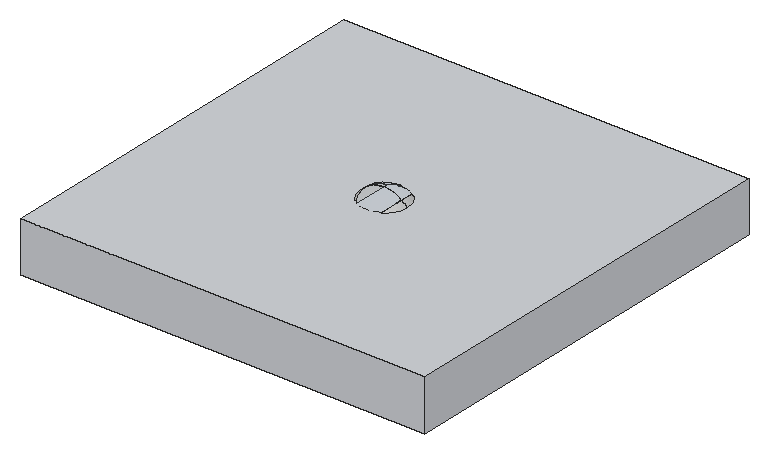
Revit family "GALAD Раунд LED", category Осветительные приборы, Revit 2018 (continued)
Types (3, lengths in mm): name | Файл фотометрической сетки | built-in parameter 1150142 | URL | IP | ADSK_Наименование краткое | ADSK_Наименование | ADSK_Марка | ADSK_Код изделия
     327.73 326.26 324.19 321.63 318.09 313.57 308.94 303.69 297.22 290.63 283.44 275.38 266.96 257.81 248.42 238.29 227.80 216.57 204.86 192.78 180.21 167.16 153.98 140.68 126.89 113.23 99.68 86.63 74.18 62.47 51.61 41.73 33.19 25.62 19.16 13.79 9.39 6.10 3.66 1.95 1.10 0.49 0.24 0.00 0.00 0.00 0.00 0.00 0.12 0.12 0.12 0.12 0.12 0.00 0.00 0.12 0.12 0.12 0.12 0.12 0.12 0.12 0.12 0.12 0.12 0.00 0.00 0.00 0.00 0.00 0.00 \r\n332.61 329.68 327.85 326.26 324.19 321.63 318.09 313.82 308.69 303.20 297.10 290.63 283.07 275.14 266.72 257.69 247.93 238.17 227.31 215.96 204.13 192.17 179.85 166.91 153.61 140.07 126.77 113.35 99.81 86.63 74.18 62.35 51.61 41.97 33.31 25.62 19.16 13.79 9.39 5.98 3.66 2.07 1.10 0.49 0.24 0.00 0.00 0.00 0.00 0.00 0.12 0.12 0.12 0.12 0.12 0.00 0.00 0.12 0.12 0.12 0.12 0.12 0.12 0.12 0.12 0.12 0.12 0.00 0.00 0.00 0.00 0.00 0.00 \r\n332.61 329.68 327.97 326.38 324.43 321.87 318.45 314.31 309.55 303.93 297.71 291.12 283.44 275.87 267.57 258.18 248.30 238.54 227.55 216.21 204.62 192.54 179.97 166.79 153.25 139.83 126.04 112.25 98.71 85.65 73.21 61.49 50.76 41.00 32.46 24.89 18.55 13.30 9.03 5.73 3.42 1.95 0.98 0.49 0.24 0.00 0.00 0.00 0.00 0.00 0.12 0.12 0.12 0.12 0.12 0.00 0.00 0.12 0.12 0.12 0.12 0.12 0.12 0.12 0.12 0.12 0.12 0.00 0.12 0.00 0.00 0.00 0.00 \r\n332.61 329.80 328.21 326.75 324.92 322.60 319.31 315.40 310.77 305.28 298.93 292.46 284.90 276.85 268.55 259.16 249.27 239.27 228.41 217.06 205.23 193.02 180.70 167.65 154.47 141.05 127.14 113.35 99.93 86.63 74.06 62.35 51.49 41.61 32.94 25.26 18.79 13.42 9.03 5.73 3.42 1.83 0.98 0.49 0.24 0.00 0.00 0.00 0.00 0.00 0.12 0.12 0.12 0.12 0.12 0.00 0.00 0.12 0.12 0.12 0.12 0.12 0.12 0.12 0.12 0.12 0.00 0.00 0.12 0.00 0.00 0.00 0.00 \r\n332.61 329.92 328.46 327.24 325.65 323.46 320.28 316.50 311.50 306.13 300.15 293.20 285.63 277.70 269.16 259.89 250.13 239.88 228.77 217.31 205.96 193.63 180.95 167.65 154.35 141.05 127.26 113.47 99.93 86.87 74.18 62.35 51.49 41.73 33.07 25.38 18.91 13.54 9.15 5.86 3.54 1.95 0.98 0.49 0.24 0.00 0.00 0.00 0.00 0.00 0.12 0.12 0.12 0.12 0.12 0.00 0.00 0.00 0.00 0.00 0.12 0.12 0.12 0.12 0.12 0.00 0.00 0.00 0.12 0.00 0.00 0.00 0.00 \r\n332.61 330.04 328.82 327.85 326.38 324.07 320.77 316.99 312.11 306.74 300.52 293.69 286.12 277.95 269.65 260.13 250.37 240.00 229.14 217.67 205.96 193.76 180.95 167.77 154.35 140.92 127.26 113.59 100.17 87.12 74.55 62.71 51.73 41.85 33.19 25.62 19.03 13.67 9.27 5.98 3.54 1.95 0.98 0.49 0.24 0.00 0.00 0.00 0.00 0.00 0.12 0.12 0.12 0.12 0.12 0.00 0.00 0.00 0.00 0.00 0.00 0.00 0.12 0.12 0.12 0.00 0.00 0.00 0.12 0.12 0.00 0.00 0.00 \r\n332.61 330.04 329.07 328.46 326.87 324.43 321.02 317.11 312.35 306.62 300.40 293.44 286.12 278.31 269.53 260.01 250.13 240.12 229.51 217.92 205.84 193.63 181.07 168.13 154.71 141.29 127.50 113.84 100.17 87.12 74.67 62.84 51.98 42.09 33.31 25.62 19.16 13.67 9.39 5.98 3.54 1.95 1.10 0.49 0.24 0.12 0.00 0.00 0.00 0.00 0.12 0.12 0.12 0.12 0.12 0.00 0.00 0.00 0.00 0.00 0.00 0.00 0.00 0.12 0.00 0.00 0.00 0.00 0.00 0.12 0.00 0.00 0.00 \r\n332.61 330.17 329.31 328.82 327.24 324.55 321.02 317.11 312.35 306.37 300.27 293.32 285.75 277.95 269.40 260.01 250.13 240.00 229.02 217.55 206.08 193.76 181.07 168.13 154.83 141.29 127.87 114.08 100.42 87.48 74.79 62.84 51.98 42.22 33.31 25.62 19.16 13.79 9.52 6.10 3.66 2.07 1.10 0.49 0.24 0.12 0.00 0.00 0.00 0.00 0.12 0.12 0.12 0.12 0.12 0.00 0.00 0.00 0.00 0.00 0.00 0.00 0.00 0.00 0.00 0.00 0.00 0.00 0.00 0.12 0.00 0.00 0.00 \r\n332.61 330.29 329.56 329.07 327.36 324.55 321.02 316.99 311.99 306.25 300.40 293.32 285.63 277.46 269.28 259.89 250.00 239.76 228.77 217.55 205.96 193.63 180.95 167.65 154.47 141.17 127.50 113.84 100.29 87.12 74.55 62.71 51.86 42.09 33.43 25.87 19.40 13.91 9.64 6.22 3.78 2.07 1.10 0.49 0.24 0.12 0.00 0.00 0.00 0.00 0.12 0.12 0.12 0.12 0.12 0.00 0.00 0.00 0.00 0.00 0.00 0.00 0.00 0.00 0.00 0.00 0.00 0.00 0.00 0.12 0.00 0.00 0.00 \r\n332.61 330.41 329.68 329.19 327.36 324.43 321.02 316.87 311.87 306.37 300.27 293.32 285.63 277.70 269.16 259.77 249.76 239.51 228.65 217.55 205.71 193.39 180.82 167.89 154.59 141.05 127.38 113.84 100.42 87.36 74.79 63.08 52.22 42.34 33.68 25.99 19.40 13.91 9.64 6.22 3.78 2.20 1.10 0.61 0.24 0.12 0.00 0.00 0.00 0.00 0.12 0.12 0.12 0.12 0.00 0.00 0.00 0.00 0.00 0.00 0.00 0.00 0.00 0.00 0.00 0.00 0.00 0.00 0.00 0.12 0.00 0.00 0.00 \r\n332.61 330.53 329.92 329.19 327.36 324.43 320.89 316.75 311.74 306.50 300.15 292.95 285.75 277.82 269.04 259.77 249.76 239.39 228.65 217.31 205.71 193.51 180.82 167.89 154.47 141.05 127.50 113.96 100.29 87.12 74.67 62.84 52.10 42.34 33.55 25.99 19.52 14.15 9.76 6.34 3.90 2.20 1.22 0.61 0.24 0.12 0.00 0.00 0.00 0.00 0.12 0.12 0.12 0.12 0.00 0.00 0.00 0.00 0.00 0.00 0.00 0.00 0.00 0.00 0.00 0.00 0.00 0.00 0.00 0.00 0.00 0.00 0.00 \r\n332.61 330.66 330.04 329.19 327.36 324.43 320.89 316.75 311.74 306.25 300.03 293.08 285.63 277.58 268.92 259.64 249.76 239.51 228.65 217.31 205.59 193.51 180.82 167.77 154.47 140.92 127.50 113.84 100.54 87.48 74.92 63.32 52.47 42.70 33.92 26.23 19.64 14.15 9.76 6.34 3.90 2.20 1.22 0.61 0.24 0.12 0.00 0.00 0.00 0.00 0.12 0.12 0.12 0.12 0.00 0.00 0.00 0.00 0.00 0.00 0.00 0.00 0.00 0.00 0.00 0.00 0.00 0.00 0.00 0.00 0.00 0.00 0.00 \r\n332.61 330.66 330.17 329.19 327.24 324.43 320.77 316.75 311.87 306.25 300.03 293.08 285.51 277.46 268.79 259.64 249.76 239.39 228.77 217.31 205.35 193.15 180.70 167.77 154.59 141.05 127.38 113.72 100.42 87.36 74.92 63.20 52.34 42.58 33.92 26.23 19.77 14.40 10.01 6.47 4.03 2.32 1.22 0.61 0.24 0.12 0.00 0.00 0.00 0.00 0.00 0.12 0.12 0.12 0.00 0.00 0.00 0.00 0.00 0.00 0.00 0.00 0.00 0.00 0.00 0.00 0.00 0.00 0.00 0.00 0.00 0.00 0.00 \r\n332.61 330.78 330.29 329.31 327.12 324.43 321.02 316.87 311.74 306.01 299.91 292.83 285.39 277.58 268.67 259.52 249.88 239.39 228.65 217.31 205.23 193.15 180.58 167.65 154.47 141.05 127.38 113.72 100.42 87.61 75.28 63.45 52.59 42.83 34.04 26.35 19.89 14.40 10.01 6.59 4.03 2.32 1.22 0.61 0.24 0.12 0.00 0.00 0.00 0.00 0.00 0.12 0.12 0.00 0.00 0.00 0.00 0.00 0.00 0.00 0.00 0.00 0.00 0.00 0.00 0.00 0.00 0.00 0.00 0.00 0.00 0.00 0.00 \r\n332.61 330.90 330.41 329.31 327.12 324.43 321.02 316.75 311.50 306.01 299.79 292.83 285.39 277.58 268.79 259.40 249.76 239.27 228.65 217.18 205.47 193.51 180.82 167.65 154.35 140.92 127.38 113.72 100.42 87.24 74.79 63.20 52.59 42.83 34.16 26.48 20.01 14.64 10.13 6.71 4.15 2.44 1.34 0.61 0.37 0.12 0.00 0.00 0.00 0.00 0.00 0.12 0.12 0.00 0.00 0.00 0.00 0.00 0.00 0.00 0.00 0.00 0.00 0.00 0.00 0.00 0.00 0.00 0.00 0.00 0.00 0.00 0.00 \r\n332.61 330.90 330.41 329.31 327.12 324.31 320.77 316.75 311.74 306.01 299.79 293.08 285.51 277.34 268.79 259.40 249.52 239.02 228.29 217.06 205.35 193.27 180.46 167.52 154.35 140.92 127.38 113.96 100.54 87.61 75.16 63.57 52.71 42.95 34.29 26.60 20.01 14.64 10.25 6.83 4.27 2.44 1.34 0.73 0.37 0.12 0.00 0.00 0.00 0.00 0.00 0.12 0.12 0.00 0.00 0.00 0.00 0.00 0.00 0.00 0.00 0.00 0.00 0.00 0.00 0.00 0.00 0.00 0.00 0.00 0.00 0.00 0.00 \r\n332.61 331.02 330.53 329.31 327.12 324.31 320.53 316.50 311.87 305.89 299.66 292.95 285.27 277.09 268.55 259.40 249.52 239.02 228.29 217.06 205.23 192.90 180.34 167.52 154.22 140.80 127.38 113.84 100.54 87.48 75.16 63.45 52.71 43.07 34.41 26.72 20.13 14.76 10.25 6.83 4.27 2.44 1.34 0.73 0.37 0.12 0.00 0.00 0.00 0.00 0.00 0.12 0.12 0.00 0.00 0.00 0.00 0.00 0.00 0.00 0.00 0.00 0.00 0.00 0.00 0.00 0.00 0.00 0.00 0.00 0.00 0.00 0.00 \r\n332.61 331.02 330.53 329.31 327.12 324.19 320.53 316.50 311.87 305.76 299.42 292.71 284.90 276.85 268.43 259.16 249.39 239.02 228.16 216.82 204.98 192.78 180.46 167.52 154.22 140.68 127.26 113.84 100.42 87.61 75.40 63.81 53.08 43.31 34.65 26.96 20.38 14.89 10.37 6.95 4.27 2.56 1.34 0.73 0.37 0.12 0.00 0.00 0.00 0.00 0.00 0.12 0.12 0.00 0.00 0.00 0.00 0.00 0.00 0.00 0.00 0.00 0.00 0.00 0.00 0.00 0.00 0.00 0.00 0.00 0.00 0.00 0.00 \r\n332.61 331.14 330.53 329.31 327.12 324.19 320.65 316.38 311.50 305.64 299.30 292.71 285.02 276.85 268.31 258.91 249.03 238.90 227.92 216.45 204.86 192.78 180.21 167.28 154.10 140.68 127.14 113.72 100.29 87.36 74.92 63.45 52.83 43.31 34.65 27.09 20.50 15.01 10.62 7.08 4.39 2.56 1.46 0.73 0.37 0.12 0.00 0.00 0.00 0.00 0.00 0.12 0.12 0.00 0.00 0.00 0.00 0.00 0.00 0.00 0.00 0.00 0.00 0.00 0.00 0.00 0.00 0.00 0.00 0.00 0.00 0.00 0.00 \r\n332.61 331.27 330.53 329.31 327.12 324.19 320.53 316.14 311.25 305.64 299.30 292.59 285.02 276.73 268.18 258.79 248.66 238.54 227.80 216.21 204.62 192.41 179.97 167.04 153.86 140.68 127.14 113.59 100.29 87.61 75.28 63.69 53.08 43.44 34.77 27.09 20.62 15.13 10.62 7.08 4.51 2.68 1.46 0.73 0.37 0.12 0.00 0.00 0.00 0.00 0.00 0.12 0.12 0.00 0.00 0.00 0.00 0.00 0.00 0.00 0.00 0.00 0.00 0.00 0.00 0.00 0.00 0.00 0.00 0.00 0.00 0.00 0.00 \r\n332.61 331.27 330.53 329.19 326.99 324.07 320.65 316.26 311.38 305.52 299.18 292.22 285.02 276.73 268.06 258.91 248.91 238.66 227.80 216.33 204.74 192.41 179.97 167.16 153.86 140.31 126.77 113.35 100.05 87.36 75.04 63.45 52.95 43.31 34.77 27.21 20.74 15.25 10.74 7.20 4.51 2.68 1.46 0.73 0.37 0.12 0.00 0.00 0.00 0.00 0.00 0.12 0.00 0.00 0.00 0.00 0.00 0.00 0.00 0.00 0.00 0.00 0.00 0.00 0.00 0.00 0.00 0.00 0.00 0.00 0.00 0.00 0.00 \r\n332.61 331.27 330.66 329.19 326.87 324.07 320.77 316.26 311.38 305.52 299.05 292.22 285.02 276.85 268.06 258.79 248.91 238.90 227.92 216.57 204.62 192.41 179.97 167.28 154.10 140.56 127.14 113.84 100.66 87.85 75.65 64.06 53.32 43.68 35.02 27.45 20.86 15.25 10.86 7.32 4.64 2.81 1.59 0.85 0.37 0.12 0.00 0.00 0.00 0.00 0.00 0.00 0.00 0.00 0.00 0.00 0.00 0.00 0.00 0.00 0.00 0.00 0.00 0.00 0.00 0.00 0.00 0.00 0.00 0.00 0.00 0.00 0.00 \r\n332.61 331.39 330.66 329.19 326.99 324.07 320.41 316.01 311.38 305.64 299.05 292.22 285.02 276.85 268.18 258.79 248.91 238.78 227.92 216.57 204.74 192.54 179.85 166.91 153.86 140.56 127.02 113.47 100.29 87.36 75.28 63.81 53.20 43.56 35.02 27.45 20.99 15.50 10.98 7.32 4.64 2.81 1.59 0.85 0.37 0.12 0.00 0.00 0.00 0.00 0.00 0.00 0.00 0.00 0.00 0.00 0.12 0.00 0.00 0.00 0.00 0.00 0.00 0.00 0.00 0.00 0.00 0.00 0.00 0.00 0.00 0.00 0.00 \r\n332.61 331.39 330.66 329.19 326.99 324.19 320.41 316.01 311.38 305.64 299.05 292.22 284.78 276.73 267.94 258.42 248.66 238.41 227.68 216.33 204.49 192.41 179.85 166.91 153.86 140.44 127.14 113.84 100.66 87.85 75.65 64.18 53.56 43.92 35.26 27.57 20.99 15.50 10.98 7.44 4.76 2.81 1.59 0.85 0.37 0.12 0.00 0.00 0.00 0.00 0.00 0.00 0.00 0.00 0.00 0.00 0.12 0.12 0.12 0.00 0.00 0.00 0.00 0.00 0.00 0.00 0.00 0.00 0.00 0.00 0.00 0.00 0.00 \r\n332.61 331.51 330.66 329.19 326.99 324.19 320.53 316.26 311.38 305.52 299.05 292.22 284.53 276.48 267.82 258.42 248.66 238.41 227.55 216.33 204.62 192.41 179.73 166.91 153.86 140.31 126.89 113.59 100.29 87.48 75.28 63.81 53.32 43.68 35.26 27.70 21.23 15.74 11.10 7.56 4.76 2.93 1.59 0.85 0.37 0.12 0.00 0.00 0.00 0.00 0.00 0.00 0.00 0.00 0.00 0.12 0.12 0.12 0.12 0.00 0.00 0.00 0.00 0.00 0.00 0.00 0.00 0.00 0.00 0.00 0.00 0.00 0.00 \r\n332.61 331.51 330.66 329.19 326.99 324.19 320.53 316.26 311.25 305.52 299.18 292.22 284.53 276.48 267.82 258.55 248.66 238.29 227.43 216.21 204.49 192.17 179.60 166.67 153.61 140.31 127.02 113.72 100.42 87.61 75.53 64.18 53.56 44.05 35.38 27.82 21.23 15.74 11.23 7.56 4.88 2.93 1.71 0.85 0.49 0.12 0.00 0.00 0.00 0.00 0.00 0.00 0.00 0.00 0.00 0.12 0.12 0.12 0.12 0.00 0.00 0.00 0.00 0.00 0.00 0.00 0.00 0.00 0.00 0.00 0.00 0.00 0.00 \r\n332.61 331.51 330.66 329.19 326.99 324.19 320.53 316.01 311.01 305.40 299.05 292.10 284.66 276.48 267.57 258.30 248.42 238.17 227.31 215.96 204.25 192.05 179.60 166.67 153.49 140.31 126.77 113.35 100.29 87.48 75.28 63.93 53.44 43.92 35.38 27.94 21.35 15.74 11.23 7.69 4.88 2.93 1.71 0.85 0.37 0.12 0.00 0.00 0.00 0.00 0.00 0.00 0.00 0.00 0.12 0.12 0.12 0.12 0.12 0.00 0.00 0.00 0.00 0.00 0.00 0.00 0.00 0.00 0.00 0.00 0.00 0.00 0.00 \r\n332.61 331.63 330.66 329.19 326.87 324.19 320.41 316.01 311.01 305.28 299.05 292.10 284.41 276.12 267.45 258.18 248.42 238.05 227.07 215.84 204.01 191.80 179.36 166.55 153.49 140.07 126.65 113.47 100.42 87.61 75.53 64.06 53.56 44.05 35.51 27.94 21.35 15.86 11.23 7.69 4.88 2.93 1.71 0.85 0.37 0.12 0.00 0.00 0.00 0.00 0.00 0.00 0.00 0.00 0.12 0.12 0.12 0.12 0.00 0.00 0.00 0.00 0.00 0.00 0.00 0.00 0.00 0.00 0.00 0.00 0.00 0.00 0.00 \r\n332.61 331.63 330.66 329.19 326.75 324.07 320.28 315.89 311.01 305.15 298.93 292.22 284.41 275.99 267.45 258.30 248.54 238.05 227.19 215.96 204.01 191.93 179.36 166.55 153.37 139.95 126.65 113.35 100.17 87.48 75.28 63.93 53.44 43.92 35.38 27.82 21.35 15.98 11.35 7.69 5.00 3.05 1.71 0.85 0.37 0.12 0.00 0.00 0.00 0.00 0.00 0.00 0.00 0.00 0.12 0.12 0.12 0.12 0.00 0.00 0.00 0.00 0.00 0.00 0.00 0.00 0.00 0.00 0.00 0.00 0.00 0.00 0.00 \r\n332.61 331.75 330.66 329.07 326.75 323.94 320.04 315.65 310.89 305.15 298.69 291.73 284.05 275.87 267.33 257.94 248.17 237.68 226.94 215.72 203.88 191.56 179.11 166.30 153.25 139.95 126.53 113.23 100.05 87.48 75.40 64.06 53.44 43.92 35.51 28.06 21.60 16.11 11.47 7.81 5.00 2.93 1.59 0.73 0.37 0.12 0.00 0.00 0.00 0.00 0.00 0.00 0.00 0.00 0.12 0.12 0.12 0.00 0.00 0.00 0.00 0.00 0.00 0.00 0.00 0.00 0.00 0.00 0.00 0.00 0.00 0.00 0.00 \r\n332.61 331.75 330.66 329.07 326.75 323.82 320.04 315.65 310.77 305.03 298.57 291.49 284.05 275.99 267.45 257.94 248.05 237.56 226.70 215.35 203.76 191.80 179.11 166.30 153.13 139.95 126.53 113.11 100.05 87.36 75.16 63.93 53.32 43.68 35.38 28.06 21.47 15.98 11.47 7.69 4.88 2.81 1.46 0.73 0.37 0.12 0.00 0.00 0.00 0.00 0.00 0.00 0.00 0.00 0.12 0.12 0.12 0.00 0.00 0.00 0.00 0.00 0.00 0.00 0.00 0.00 0.00 0.00 0.00 0.00 0.00 0.00 0.00 \r\n332.61 331.75 330.53 329.07 326.63 323.82 320.16 315.89 310.77 304.79 298.44 291.49 284.17 275.75 267.09 257.69 247.93 237.56 226.70 215.47 203.64 191.56 178.99 166.18 153.00 139.70 126.28 113.11 99.93 87.12 75.16 63.81 53.44 43.80 35.38 27.94 21.60 15.98 11.47 7.81 4.88 2.81 1.46 0.73 0.24 0.12 0.00 0.00 0.00 0.00 0.00 0.00 0.00 0.00 0.00 0.00 0.00 0.00 0.00 0.00 0.00 0.00 0.00 0.00 0.00 0.00 0.00 0.00 0.00 0.00 0.00 0.00 0.00 \r\n332.61 331.88 330.53 328.95 326.63 323.70 320.28 315.89 310.77 304.79 298.32 291.37 284.05 275.75 266.96 257.57 247.69 237.44 226.70 215.23 203.40 191.19 178.87 166.06 152.88 139.58 126.16 112.98 99.93 87.36 75.28 63.93 53.56 43.92 35.38 27.94 21.47 15.86 11.35 7.44 4.51 2.44 1.34 0.61 0.24 0.12 0.00 0.00 0.00 0.00 0.00 0.00 0.00 0.00 0.00 0.00 0.00 0.00 0.00 0.00 0.00 0.00 0.00 0.00 0.00 0.00 0.00 0.00 0.00 0.00 0.00 0.00 0.00 \r\n332.61 331.88 330.53 328.95 326.75 323.58 320.16 315.77 310.64 304.79 298.20 291.24 283.68 275.63 266.96 257.69 247.56 236.95 226.46 215.11 203.40 191.07 178.63 165.69 152.52 139.22 125.92 112.62 99.68 87.12 75.16 63.93 53.56 44.05 35.63 28.06 21.47 15.86 11.23 7.32 4.27 2.32 1.10 0.49 0.24 0.12 0.00 0.00 0.00 0.00 0.00 0.00 0.00 0.00 0.00 0.00 0.00 0.00 0.00 0.00 0.00 0.00 0.00 0.00 0.00 0.00 0.00 0.00 0.00 0.00 0.00 0.00 0.00 \r\n332.61 332.00 330.53 328.95 326.87 323.70 320.16 315.65 310.52 304.79 298.20 291.12 283.31 275.38 266.72 257.45 247.44 236.83 226.21 214.99 203.03 191.07 178.50 165.57 152.52 139.34 126.04 112.74 99.68 87.00 74.92 63.69 53.56 44.17 35.63 28.06 21.47 15.74 10.86 6.71 3.66 1.95 0.98 0.49 0.24 0.12 0.00 0.00 0.00 0.00 0.00 0.00 0.00 0.00 0.00 0.00 0.00 0.00 0.00 0.00 0.00 0.00 0.00 0.00 0.00 0.00 0.00 0.00 0.00 0.00 0.00 0.00 0.00 \r\n332.61 332.00 330.53 328.95 326.87 323.70 320.04 315.65 310.52 304.79 298.20 291.12 283.44 275.38 266.48 257.20 247.32 236.83 225.97 214.74 203.15 190.95 178.50 165.69 152.39 138.97 125.67 112.37 99.44 86.75 74.67 63.57 53.32 44.05 35.75 28.18 21.60 15.74 10.62 6.34 3.05 1.59 0.98 0.49 0.24 0.12 0.00 0.00 0.00 0.00 0.00 0.00 0.00 0.00 0.00 0.00 0.00 0.00 0.00 0.00 0.00 0.00 0.00 0.00 0.00 0.00 0.00 0.00 0.00 0.00 0.00 0.00 0.00 \r\n332.61 332.00 330.53 328.95 326.87 323.58 319.80 315.65 310.28 304.42 298.20 291.24 283.80 275.38 266.48 257.20 247.20 236.58 225.85 214.62 203.15 190.95 178.14 165.33 152.39 139.09 125.67 112.50 99.44 86.87 74.92 63.57 53.32 44.29 35.87 28.06 21.47 15.50 9.64 4.88 2.81 1.71 0.98 0.49 0.24 0.12 0.00 0.00 0.00 0.00 0.00 0.00 0.00 0.00 0.00 0.00 0.00 0.00 0.00 0.00 0.00 0.00
